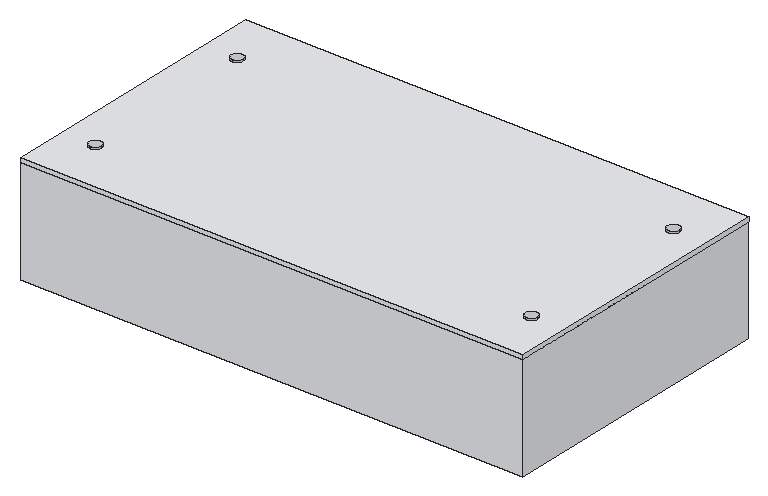
Revit family "IPDCM+", category Communication Devices, Revit 2014
Parameters (values of type "PoE+ Indoor IP LED Display with Microphone")
  Width = 13.83"
  Weight Product = 0
  Warranty = "1 Year"
  Voltage AC = "PoE or PoE+ and External 24VDC"
  Viewable Dimensions (HxW) = 10.125
  Vertical Symmetry = yes
  URL = "www.atlassound.com"
  Transformer Option = yes
  Specification by User (default) = "TBD"
  Speaker Type = "S1"
  Speaker Listening Height [instance] = 30.00"
  Speaker Height [instance] = 120.00"
  Speaker Dispersion = 120.00°
  Speaker Cone Visible [instance] = no
  Speaker Cone Height [instance] = (Speaker Height - Speaker Listening Height)  # 90.00"
  Sensitivity = 35
  ScheduleType |RF| = "AtlasIED Master"
  Safety Agency Ratings = "ETL Listed to Comply with UL-60950-1, and CAN/CSA-C22.2 No. 60950-1"
  SPL Max = 107
  Recommended Signal Processing = "Built-In Processing"
  Radius of Speaker Cone [instance] = (Speaker Cone Height) * tan(Speaker Dispersion / 2)  # 155.88457"
  Product Page URL = "https://www.atlasied.com/Product/ProductDetails?productId=3387"
  Product Documentation Link = "https://www.atlasied.com/f/3769/ipdcmplus-data-sheet.pdf"
  Power Rating (RMS) = "15 Watts Max (802.3AT)"
  Operation Mode = "Self Powered"
  OmniClass Title = "Audio Visual Intercoms"
  OmniClass Number = "23-37 27 15 13"
  Mounting/Rigging Provisions = "Mounting Enclosure is Not Included (See Optional Enclosure)"
  Mount Material = QF_Plastic - White - Smooth
  Model = "IPDCM+"
  Max Character Height = 2.125
  MaterFormat Title = "Public Information Systems"
  MasterFormat = "27 42 19"
  Market = "Commercial, Higher Education, Emergency"
  Manufacturer URL = "https://www.atlasied.com"
  Manufacturer Phone = "(800) 876 - 3333"
  Manufacturer Email = "support@atlasied.com"
  Manufacturer Address = "4545 E. Baseline Rd., Phoenix, AZ 85042"
  Manufacturer = "ATLAS SOUND"
  Ingress Protection = "IP-30"
  Impedance = 8
  IQ Category = "Public Information Systems"
  Height = 3.00"
  Grill Material = none
  Family Version [instance] = "2017-01"
  Family Code (default) = "LOUD SPEAKERS"
  Enclosure Material = none
  Description = "POE+ INDOOR WALL MOUNT LED DISPLAY WITH INTEGRATED MICROPHONE"
  Depth = 7.75"
  Coverage Vertical = 110.00°
  Coverage Horizontal = 110.00°
  Cost MSRP = 913.99
  Cost = 913.99
  Communication Ports = "RJ-45 Female"
  Color = none
  Body Material = QF_Plastic - White - Smooth
  Baffle Material = none
  70V Taps = "32.00 W"
  100V Taps = "32.00 W"
Reference planes (in)
  plane 1 "Center (Front/Back)": y = 0
  plane 2: z = 0
  plane 3 "Center (Left/Right)": x = 0
  plane 4: z = 3
  plane 5: x = -6.915
  plane 6: x = 6.915
  plane 7: x = 6
  plane 8: x = -6
  plane 9: y = 3.875
  plane 10: y = -3.875
Forms (in)
  Extrusion 1, solid, material "QF_Plastic - White - Smooth" <- "Mount Material"
    sketch origin (0, -2.84135, 3) x (0, -1, 0) y (1, 0, 0)
      loop
        line (-6.71635, -6.915) -> (1.03365, -6.915) -> (1.03365, 6.915) -> (-6.71635, 6.915) -> (-6.71635, -6.915)
    from 0 to -0.13
  Extrusion 2, solid, material "QF_Metal - Stainless - Polished"
    sketch origin (0, -2.84135, 3) x (0, -1, 0) y (1, 0, 0)
      loop
        circle (-5.28135, -6) r 0.16622
      loop
        circle (-5.28135, 6) r 0.16622
      loop
        circle (-0.40135, -6) r 0.16622
      loop
        circle (-0.40135, 6) r 0.16622
    from 0 to 0.03
  Extrusion 3, solid, material "QF_Plastic - White - Smooth" <- "Body Material"
    sketch origin (0, -2.84135, 2.87) x (1, 0, 0) y (0, -1, 0)
      loop
        line (6.915, 1.03365) -> (-6.915, 1.03365) -> (-6.915, -6.71635) -> (6.915, -6.71635) -> (6.915, 1.03365)
      loop
        line (-6.785, -6.58635) -> (6.785, -6.58635) -> (6.785, 0.90365) -> (-6.785, 0.90365) -> (-6.785, -6.58635)
    from 0 to 2.87
  Blend 4, solid, material "Glass", visible <- "Speaker Cone Visible"
    base sketch origin (0, 0, 3) x (1, 0, 0) y (0, 1, 0)
      loop
        circle (0, 0.09521) r 155.88457
    top sketch origin (0, 0, 3) x (1, 0, 0) y (0, 1, 0)
      loop
        circle (0, 0.09521) r 0.13513
    from 90 <- "Speaker Cone Height" to 0
Lines and regions (in)
  Split face 1
    outline origin (0, -2.84135, 3) x (0, -1, 0) y (1, 0, 0)
      loop
        line (-3.99302, -5.11846) -> (-1.68748, -5.11846)
        arc (-1.68748, -5.11846) -> (-1.58142, -5.07452) -> (-1.53748, -4.96846) r 0.15
        line (-1.53748, -4.96846) -> (-1.53748, 4.96846)
        arc (-1.53748, 4.96846) -> (-1.58142, 5.07452) -> (-1.68748, 5.11846) r 0.15
        line (-1.68748, 5.11846) -> (-3.99522, 5.11846)
        arc (-3.99522, 5.11846) -> (-4.10128, 5.07452) -> (-4.14522, 4.96846) r 0.15
        line (-4.14522, 4.96846) -> (-4.14522, -4.96626)
        arc (-4.14522, -4.96626) -> (-4.10064, -5.07388) -> (-3.99302, -5.11846) r 0.1522
  symbolic lines
    curve 1: line (6.915, -3.875, 0) -> (-6.915, -3.875, 0)
    curve 2: line (6.915, 3.875, 0) -> (6.915, -3.875, 0)
    curve 3: line (-6.915, 3.875, 0) -> (6.915, 3.875, 0)
    curve 4: line (-6.915, -3.875, 0) -> (-6.915, 3.875, 0)
    curve 5: line (4.96846, 1.30387, 0) -> (-4.96626, 1.30387, 0)
    curve 6: arc (-4.96626, 1.30387, 0) -> (-5.07388, 1.25929, 0) -> (-5.11846, 1.15167, 0) r 0.1522
    curve 7: line (-5.11846, 1.15167, 0) -> (-5.11846, -1.15387, 0)
    curve 8: arc (-5.11846, -1.15387, 0) -> (-5.07452, -1.25993, 0) -> (-4.96846, -1.30387, 0) r 0.15
    curve 9: line (-4.96846, -1.30387, 0) -> (4.96846, -1.30387, 0)
    curve 10: arc (4.96846, -1.30387, 0) -> (5.07452, -1.25993, 0) -> (5.11846, -1.15387, 0) r 0.15
    curve 11: line (5.11846, -1.15387, 0) -> (5.11846, 1.15387, 0)
    curve 12: arc (5.11846, 1.15387, 0) -> (5.07452, 1.25993, 0) -> (4.96846, 1.30387, 0) r 0.15
    curve 13: arc (-6.16622, 2.44, 0) -> (-6, 2.27378, 0) -> (-5.83378, 2.44, 0) r 0.16622
    curve 14: arc (-5.83378, 2.44, 0) -> (-6, 2.60622, 0) -> (-6.16622, 2.44, 0) r 0.16622
    curve 15: arc (-6.16622, -2.44, 0) -> (-6, -2.60622, 0) -> (-5.83378, -2.44, 0) r 0.16622
    curve 16: arc (-5.83378, -2.44, 0) -> (-6, -2.27378, 0) -> (-6.16622, -2.44, 0) r 0.16622
    curve 17: arc (6.16622, 2.44, 0) -> (6, 2.27378, 0) -> (5.83378, 2.44, 0) r 0.16622
    curve 18: arc (5.83378, 2.44, 0) -> (6, 2.60622, 0) -> (6.16622, 2.44, 0) r 0.16622
    curve 19: arc (6.16622, -2.44, 0) -> (6, -2.60622, 0) -> (5.83378, -2.44, 0) r 0.16622
    curve 20: arc (5.83378, -2.44, 0) -> (6, -2.27378, 0) -> (6.16622, -2.44, 0) r 0.16622
  symbolic lines, style "Sound Projection Average", visible <- "Speaker Cone Visible"
    curve 21: circle (0, 0.09521, 0.13989) r 155.88457 normal (0, 0, 1)
Dimensions and locks (in)
  "Height": plane 4 to plane 2
  "Width": plane 5 to plane 6
  plane 8 to plane 7 = 12.00"
  "Depth": plane 10 to plane 9
  "Radius of Speaker Cone": radius of Blend 4 sketch curve
  aligned and locked: plane 2 to level
  aligned and locked: curve 21 to Blend 4
Automatic sketch dimensions
  curve 13 to curve 14 = 0.00"  (x2)
  curve 15 to curve 16 = 0.00"  (x2)
  curve 17 to curve 18 = 0.00"  (x2)
  curve 19 to curve 20 = 0.00"  (x2)
  curve 1 to plane 5 = 0.00"
  curve 13 to plane 8 = 0.00"
  curve 16 to plane 8 = 0.00"
  curve 18 to plane 7 = 0.00"
  curve 20 to plane 7 = 0.00"
  curve 2 to plane 6 = 0.00"
  curve 1 to plane 10 = 0.00"
  plane 9 to curve 3 = 0.00"
  plane 8 to curve 7 = 0.88154"
  curve 7 to curve 8 = 0.15"
  curve 6 to curve 5 = 0.1522"
  curve 12 to plane 7 = 1.03154"
  curve 9 to plane 7 = 1.03154"
  curve 12 to curve 11 = 0.15"
  plane 10 to curve 20 = 1.435"
  plane 10 to curve 16 = 1.435"
  plane 1 "Center (Front/Back)" to curve 9 = 1.30387"
  curve 6 to plane 1 "Center (Front/Back)" = 1.15167"
  plane 9 to curve 14 = 1.435"
  plane 9 to curve 17 = 1.435"
  curve 13 to curve 13 = 0.16622"
  curve 16 to plane 8 = 0.16622"
  curve 19 to curve 19 = 0.16622"
  curve 17 to curve 17 = 0.16622"
  Extrusion 1 sketch curve to plane 6 = 0.00"
  plane 9 to Extrusion 1 sketch curve = 0.00"
  Extrusion 1 sketch curve to plane 5 = 0.00"
  Extrusion 1 sketch curve to plane 10 = 0.00"
  Split face 1 sketch curve to Extrusion 1 = 2.57113"
  Split face 1 sketch curve to Split face 1 sketch curve = 0.15"  (x2)
  Split face 1 sketch curve to Split face 1 sketch curve = 0.1522"
  Split face 1 sketch curve to Split face 1 sketch curve = 2.30774"
  Split face 1 sketch curve to Split face 1 sketch curve = 2.30554"
  Split face 1 sketch curve to Extrusion 1 = 1.79654"
  Split face 1 sketch curve to Extrusion 1 = 1.94654"
  Extrusion 2 sketch curve to Extrusion 1 = 1.435"  (x4)
  Extrusion 2 sketch curve to Extrusion 1 = 0.915"  (x4)
  Extrusion 3 sketch curve to Extrusion 1 = 0.00"  (x4)
  Extrusion 1 to Extrusion 3 sketch curve = 0.13"  (x4)
  Blend 4 sketch curve to plane 3 "Center (Left/Right)" = 0.00"  (x2)
  Blend 4 sketch curve to plane 1 "Center (Front/Back)" = 0.09521"  (x2)
  radius of Extrusion 2 sketch curve = 0.16622"  (x4)
  radius of Blend 4 sketch curve = 0.13513"
Nested families (in)
  nested 1: "Speaker Annotation" at (0, 0, 0.13989), Speaker Type <- "Speaker Type", type "Data Annotation"
    with Speaker Type "S1"
Definition of nested family "Speaker Annotation"
  Parameters (values of type "Data Annotation")
    Speaker Type [instance] = ""
  Reference planes (in)
    plane 1: y = 0
    plane 2: x = 0
  Lines and regions (in)
    detail lines, style "Data Device"
      curve 1: circle (-0.00295, 0.00032, 0) r 0.09489 normal (0, 0, 1)
  Text (in)
    label "S1" at (0.00193, -0.00496, 0), shows "Speaker Type"
